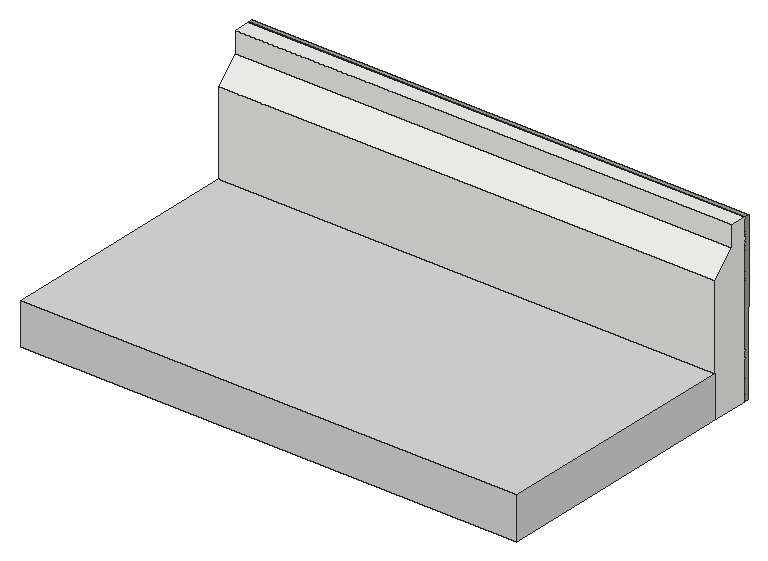
Revit family "Legalett_L-Element_Linatex_FOT-XPS300", category Structural Foundations, Revit 2023
Family settings
  Material for Model Behavior = Other
  Cap = No
  OmniClass Number = 23.25.05.00
  OmniClass Title = Foundations
  Work Plane-Based = No
  Always vertical = Yes
  Cut with Voids When Loaded = No
  Shared = No
  Show family pre-cut in plan views = Yes
Parameters (values of type "L400 Linatex XPS300")
  Width = 600 mm
  Type Comments = "21350-400"
  Thickness foot = 100 mm
  Thickness = 100 mm
  Structural Material = Default
  Model = "Kantelement L400 Linatex XPS300"
  Manufacturer = "Legalett"
  Length [instance] = 1200 mm
  Keynote = ""
  Foundation Thickness = 400 mm
  Foundation Length [instance] = Length  # 1200 mm
  Description = ""
  Assembly Code = ""
Types (4, lengths in mm): name | Type Comments | Model | Foundation Thickness
  L300 Linatex XPS300 | "21350-300" | "Kantelement L300 Linatex XPS300" | 300
  L400 Linatex XPS300 | "21350-400" | "Kantelement L400 Linatex XPS300" | 400
  L450 Linatex XPS300 | "21350-450" | "Kantelement L450 Linatex XPS300" | 450
  L500 Linatex XPS300 | "21350-500" | "Kantelement L500 Linatex XPS300" | 500
Reference planes
  plane 1 "Center (Front/Back)": y = 0
  plane 2: z = 0
  plane 3 "Center (Left/Right)": x = 0
  plane 4: x = -600
  plane 5: x = 600
  plane 6: y = -275
  plane 7: z = 400
  plane 8: z = 350
  plane 9: z = 300
  plane 10: y = 325
  plane 11: y = 425
Forms (mm)
  Extrusion 1, solid, material "EPS100"
    sketch origin (0, 0, 0) x (0, 1, 0) y (0, 0, 1)
      loop
        line (375, 350) -> (325, 300) -> (325, 0) -> (415, 0) -> (415, 400) -> (375, 400) -> (375, 350)
    from -600 to 600
  Extrusion 2, solid, material "element betong"
    sketch origin (0, 0, 0) x (0, 1, 0) y (0, 0, 1)
      loop
        line (425, 400) -> (415, 400) -> (415, 0) -> (425, 0) -> (425, 400)
    from -600 to 600
  Extrusion 3, solid, material "XPS300"
    sketch origin (0, 0, 0) x (0, 1, 0) y (0, 0, 1)
      loop
        line (325, 0) -> (325, 100) -> (-275, 100) -> (-275, 0) -> (325, 0)
    from -600 to 600
Dimensions and locks
  equal spacing: plane 4, plane 3 "Center (Left/Right)", plane 5
  "Length": plane 4 to plane 5
  plane 1 "Center (Front/Back)" to plane 6 = 275 mm
  locked: Extrusion 1 sketch curve to Extrusion 1 sketch curve at 50
  locked: plane 9 to Extrusion 1 sketch curve at 50
  "Thickness": plane 11 to plane 10
  "Foundation Thickness": plane 7 to level
  locked: plane 7 to plane 9 at 100
  "Thickness foot": Extrusion 3 to Extrusion 3
  "Width": plane 10 to plane 6
  aligned and locked: plane 2 to level
  aligned and locked: plane 5 to Extrusion 2
  aligned and locked: Extrusion 2 to plane 4
  aligned and locked: Extrusion 1 to plane 4
  aligned and locked: plane 5 to Extrusion 1
  aligned and locked: plane 7 to Extrusion 2 sketch curve
  aligned and locked: Extrusion 2 sketch curve to plane 2
  aligned and locked: Extrusion 1 to Extrusion 3
  aligned and locked: Extrusion 1 to plane 10
  aligned and locked: Extrusion 2 to Extrusion 1
  aligned and locked: Extrusion 1 to level
  aligned and locked: plane 11 to Extrusion 2
  aligned and locked: Extrusion 3 to plane 4
  aligned and locked: plane 5 to Extrusion 3
  aligned and locked: Extrusion 3 to level
Automatic sketch dimensions
  Extrusion 3 sketch curve to level = 0 mm
  Extrusion 3 sketch curve to plane 6 = 0 mm
  level to Extrusion 3 sketch curve = 100 mm
  Extrusion 3 sketch curve to plane 10 = 0 mm
  Extrusion 2 sketch curve to plane 11 = 0 mm
  plane 11 to Extrusion 2 sketch curve = 10 mm
  Extrusion 1 sketch curve to level = 0 mm
  Extrusion 1 sketch curve to plane 10 = 0 mm
  plane 9 to Extrusion 1 sketch curve = 0 mm
  plane 11 to Extrusion 1 sketch curve = 10 mm
  plane 10 to Extrusion 1 sketch curve = 50 mm
